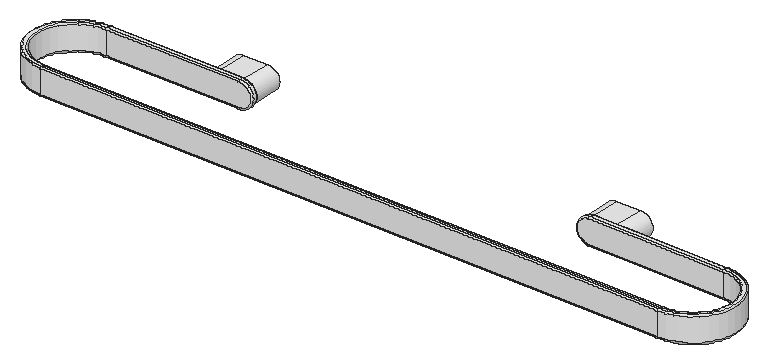
Revit family "rba-bim-rba1631-114", category Plumbing Fixtures, Revit 2016
Family settings
  Part Type = Normal
  Round Connector Dimension = Use Diameter
  Work Plane-Based = No
  Always vertical = Yes
  Cut with Voids When Loaded = No
  Shared = Yes
  Room Calculation Point = No
Parameters (values of type "RBA1631-114")
  Watermarked By = "www.rba.com.au"
  Waste Connection = yes
  Vent Connection = yes
  URL = ""
  Phone Number = "1300 788 778"
  Modified Issue = "20190220.01"
  Model = "RBA1631-114"
  Materials and Finishes = Heavy Duty Brass in a Bright Chrome Finish
  Manufacturer Model = ""
  Manufacturer = "RBA Group"  # constant formula
  HW Connection = yes
  Description = "ōken Towel Rail #2"
  Copyright by = "RBA Group"  # constant formula
  CW Connection = yes
Reference planes
  plane 1 "Center (Front/Back)": y = 0
  plane 2: z = 0
  plane 3 "Center (Left/Right)": x = 0
  plane 4: x = -300
  plane 5: x = 300
  plane 6: x = -138
  plane 7: x = 138
Forms (mm)
  Extrusion 1, solid, material "Heavy Duty Brass in a Bright Chrome Finish" <- "Materials and Finishes"
    sketch origin (0, 0, 0) x (1, 0, 0) y (0, 0, 1)
      loop
        line (-263, 22) -> (-263, 0) -> (-149, 0)
        arc (-149, 0) -> (-138, 11) -> (-149, 22) r 11
        line (-149, 22) -> (-263, 22)
    from 25 to 30
  Extrusion 2, solid, material "Heavy Duty Brass in a Bright Chrome Finish" <- "Materials and Finishes"
    sketch origin (0, 0, 0) x (-1, 0, 0) y (0, 0, -1)
      loop
        line (-263, -22) -> (-149, -22)
        arc (-149, -22) -> (-138, -11) -> (-149, 0) r 11
        line (-149, 0) -> (-263, 0) -> (-263, -22)
    from 25 to 30
  Extrusion 3, solid, material "Heavy Duty Brass in a Bright Chrome Finish" <- "Materials and Finishes"
    sketch origin (0, 0, 0) x (1, 0, 0) y (0, 1, 0)
      loop
        arc (-263, -25) -> (-300, -62) -> (-263, -99) r 37
        line (-263, -99) -> (263, -99)
        arc (263, -99) -> (300, -62) -> (263, -25) r 37
        line (263, -25) -> (263, -30)
        arc (263, -30) -> (295, -62) -> (263, -94) r 32
        line (263, -94) -> (-263, -94)
        arc (-263, -94) -> (-295, -62) -> (-263, -30) r 32
        line (-263, -30) -> (-263, -25)
    from 0 to 22
  Extrusion 4, solid, material "Heavy Duty Brass in a Bright Chrome Finish" <- "Materials and Finishes"
    sketch origin (-2.5, 0, 0) x (1, 0, 0) y (0, 0, 1)
      loop
        arc (-166.5, 21) -> (-176.5, 11) -> (-166.5, 1) r 10
        line (-166.5, 1) -> (-146.5, 1)
        arc (-146.5, 1) -> (-136.5, 11) -> (-146.5, 21) r 10
        line (-146.5, 21) -> (-166.5, 21)
    from 0 to 25
  Extrusion 5, solid, material "Heavy Duty Brass in a Bright Chrome Finish" <- "Materials and Finishes"
    sketch origin (2.5, 0, 0) x (-1, 0, 0) y (0, 0, -1)
      loop
        line (-166.5, -21) -> (-146.5, -21)
        arc (-146.5, -21) -> (-136.5, -11) -> (-146.5, -1) r 10
        line (-146.5, -1) -> (-166.5, -1)
        arc (-166.5, -1) -> (-176.5, -11) -> (-166.5, -21) r 10
    from 0 to 25
  Sweep 6, void
    path in 3D
      loop
        arc (-263, -30, 22) -> (-295, -62, 22) -> (-263, -94, 22) r 32
        line (-263, -94, 22) -> (263, -94, 22)
        arc (263, -94, 22) -> (295, -62, 22) -> (263, -30, 22) r 32
        line (263, -30, 22) -> (149, -30, 22)
        arc (149, -30, 22) -> (138, -30, 11) -> (149, -30, 0) r 11
        line (149, -30, 0) -> (263, -30, 0)
        arc (263, -30, 0) -> (295, -62, 0) -> (263, -94, 0) r 32
        line (263, -94, 0) -> (-263, -94, 0)
        arc (-263, -94, 0) -> (-295, -62, 0) -> (-263, -30, 0) r 32
        line (-263, -30, 0) -> (-149, -30, 0)
        arc (-149, -30, 0) -> (-138, -30, 11) -> (-149, -30, 22) r 11
        line (-149, -30, 22) -> (-263, -30, 22)
    profile origin (-206, -30, 22) x (0, -1, 0) y (0, 0, 1)
      loop
        line (0, 0) -> (-1, 0)
        arc (-1, 0) -> (-0.293, -0.293) -> (0, -1) r 1
        line (0, -1) -> (0, 0)
  Sweep 7, void
    path in 3D
      loop
        arc (-149, -25, 22) -> (-138, -25, 11) -> (-149, -25, 0) r 11
        line (-149, -25, 0) -> (-263, -25, 0)
        arc (-263, -25, 0) -> (-300, -62, 0) -> (-263, -99, 0) r 37
        line (-263, -99, 0) -> (263, -99, 0)
        arc (263, -99, 0) -> (300, -62, 0) -> (263, -25, 0) r 37
        line (263, -25, 0) -> (149, -25, 0)
        arc (149, -25, 0) -> (138, -25, 11) -> (149, -25, 22) r 11
        line (149, -25, 22) -> (263, -25, 22)
        arc (263, -25, 22) -> (300, -62, 22) -> (263, -99, 22) r 37
        line (263, -99, 22) -> (-263, -99, 22)
        arc (-263, -99, 22) -> (-300, -62, 22) -> (-263, -25, 22) r 37
        line (-263, -25, 22) -> (-149, -25, 22)
    profile origin (-206, -25, 22) x (0, 1, 0) y (0, 0, 1)
      loop
        line (0, 0) -> (-1, 0)
        arc (-1, 0) -> (-0.293, -0.293) -> (0, -1) r 1
        line (0, -1) -> (0, 0)
Cuts and joins
  Sweep 6, Sweep 7 cuts Extrusion 1
  Sweep 6, Sweep 7 cuts Extrusion 2
  Sweep 6, Sweep 7 cuts Extrusion 3
  joined: Extrusion 1, Extrusion 2, Extrusion 3
Lines and regions (mm)
  sketch lines
    curve 1: line (-149, -30, 22) -> (-263, -30, 22)
    curve 2: arc (-149, -30, 22) -> (-138, -30, 11) -> (-149, -30, 0) r 11
    curve 3: line (-263, -30, 0) -> (-149, -30, 0)
    curve 4: arc (-263, -94, 0) -> (-295, -62, 0) -> (-263, -30, 0) r 32
    curve 5: arc (-263, -30, 22) -> (-295, -62, 22) -> (-263, -94, 22) r 32
    curve 6: line (263, -94, 22) -> (-263, -94, 22)
    curve 7: line (-263, -94, 0) -> (263, -94, 0)
    curve 8: arc (263, -30, 0) -> (295, -62, 0) -> (263, -94, 0) r 32
    curve 9: arc (263, -94, 22) -> (295, -62, 22) -> (263, -30, 22) r 32
    curve 10: line (263, -30, 22) -> (149, -30, 22)
    curve 11: line (149, -30, 0) -> (263, -30, 0)
    curve 12: arc (149, -30, 0) -> (138, -30, 11) -> (149, -30, 22) r 11
    curve 13: line (-263, -25, 22) -> (-149, -25, 22)
    curve 14: arc (-149, -25, 0) -> (-138, -25, 11) -> (-149, -25, 22) r 11
    curve 15: line (-149, -25, 0) -> (-263, -25, 0)
    curve 16: arc (-263, -99, 22) -> (-300, -62, 22) -> (-263, -25, 22) r 37
    curve 17: arc (-263, -25, 0) -> (-300, -62, 0) -> (-263, -99, 0) r 37
    curve 18: line (-263, -99, 22) -> (263, -99, 22)
    curve 19: line (263, -99, 0) -> (-263, -99, 0)
    curve 20: arc (263, -25, 22) -> (300, -62, 22) -> (263, -99, 22) r 37
    curve 21: arc (263, -99, 0) -> (300, -62, 0) -> (263, -25, 0) r 37
    curve 22: line (149, -25, 22) -> (263, -25, 22)
    curve 23: line (263, -25, 0) -> (149, -25, 0)
    curve 24: arc (149, -25, 22) -> (138, -25, 11) -> (149, -25, 0) r 11
Dimensions and locks
  aligned and locked: plane 2 to level
